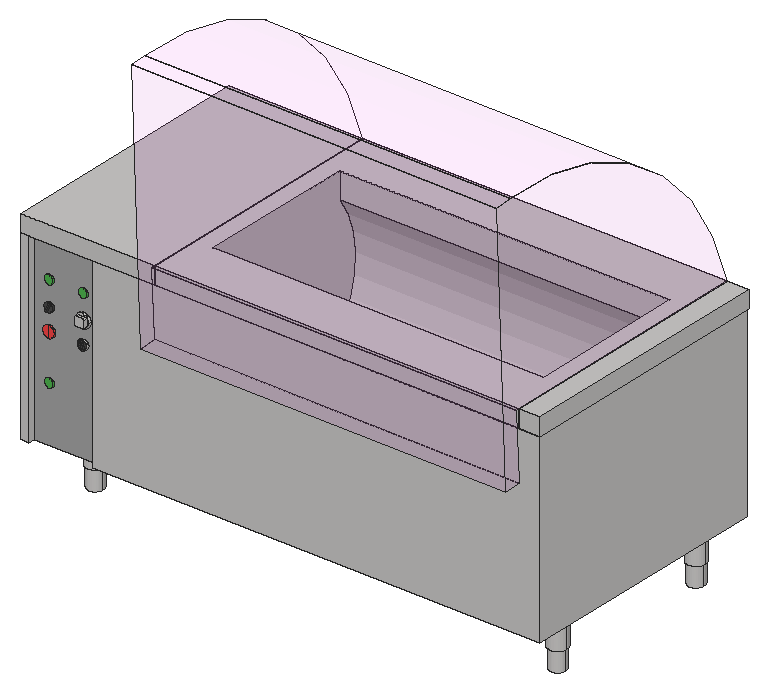
Revit family "QF_ELECTROLUXPROFESSIONAL_660037_LV501R", category Attrezzature speciali, Revit 2020
Family settings
  Quota connettore circolare = Usa diametro
  Tipo di parte = Normale
  Basato su piano di lavoro = No
  Sempre verticale = Sì
  Taglio con vuoti quando caricato = No
  Condiviso = No
  Punto di calcolo locali = No
Parameters (values of type "Standard")
  Weight = 242.00 kg
  Watts = 1600 W
  Volts = 400 V
  URL Manufacturer = "https://www.electroluxprofessional.com/"
  URL = "https://www.electroluxprofessional.com/"
  Steam Supply Size = 0 mm
  Steam Supply Minimum Pressure = 0.0 Pa
  Steam Supply Maximum Pressure = 0.0 Pa
  Steam Consumption per Hour = 0
  Show Clearance [instance] = yes
  Refrigeration Suction Line Size = 0 mm
  Refrigeration Liquid Line Size = 0 mm
  Refrigerant Compressor Remote = yes
  Prospetto di default = 0 mm
  Produttore = "Electrolux Professional"
  Phase = 3
  Modello = "LV501R"
  Length Actual = 1800 mm  # constant formula
  Item Number = "660037"
  Hot Water Size = 0 mm
  Height Actual = 850 mm  # constant formula
  HP = "2.1 HP"
  Gas Size = 0 mm
  Gas KW = 0
  Gas Input Pressure = 0 W
  Direct Waste Size = 50.8 mm
  Descrizione = "TILTING BASKET AUT.VEGET.WASHER-KG 14/70"
  Depth Actual = 1000 mm  # constant formula
  Cycle = 50 Hz
  Condensate Return Size = 0 mm
  Compressed Air Volume = 0.0 L/s
  Compressed Air Size = 0 mm
  Compressed Air Pressure = 0.0 Pa
  Cold Water Size = 25.4 mm
  Accessory = yes
Reference planes
  plane 1 "Center (Front/Back)": y = 0
  plane 2: z = 0
  plane 3 "Center (Left/Right)": x = 0
  plane 4: x = 0
  plane 5: z = 200
  plane 6: y = -450
  plane 7: z = 900
  plane 8 "RIGHT": x = 900
  plane 9 "LEFT": x = -900
  plane 10 "FRONT": y = -900
  plane 11: z = 1570
  plane 12: z = 670
  plane 13: y = -1000
  plane 14: x = -605
  plane 15: y = -138
  plane 16: through (-820, -660, 4198) normal (-0.7071, -0.7071, 0)
  plane 17: through (-820, -640, 4198) normal (0.7071, -0.7071, 0)
  plane 18: x = -605
  plane 19: y = -138
  plane 20: x = -434
Forms (mm)
  Extrusion 1, solid, material "QF_Finishes_Stainless Steel"
    sketch origin (0, 0, 0) x (1, 0, 0) y (0, 1, 0)
      loop
        line (-900, 0) -> (-900, -900) -> (-435.653, -900) -> (-435.653, 0) -> (-900, 0)
    from 840 to 900
  Extrusion 2, solid, material "QF_Finishes_Stainless Steel"
    sketch origin (400, 0, 0) x (1, 0, 0) y (0, 1, 0)
      loop
        line (-1300, -7.289) -> (-1300, -900) -> (-1270, -900) -> (-1270, -865) -> (-1050, -865) -> (-1050, -900) -> (500, -900) -> (500, -7.289) -> (-1300, -7.289)
    from 200 to 840
  Extrusion 3, void
    sketch origin (400, 0, 0) x (1, 0, 0) y (0, 1, 0)
      loop
        line (-835.653, -20) -> (-835.653, -885) -> (428.5, -885) -> (428.5, -20) -> (-835.653, -20)
    from 215.087 to 840
  Extrusion 4, solid, material "QF_Finishes_Stainless Steel"
    sketch origin (0, 0, 0) x (0, 1, 0) y (0, 0, 1)
      loop
        line (0, 900) -> (-900, 900) -> (-900, 840) -> (-730, 840)
        arc (-730, 840) -> (-450, 249.038) -> (-170, 840) r 361.814
        line (-170, 840) -> (0, 840) -> (0, 900)
    from -435.653 to 825
  Extrusion 5, void
    sketch origin (0, 0, 0) x (0, 1, 0) y (0, 0, 1)
      loop
        line (-176, 809.169) -> (-176, 922) -> (-724, 922) -> (-724, 809.169)
        arc (-724, 809.169) -> (-450, 265.684) -> (-176, 809.169) r 340.811
    from -374.256 to 770
  Extrusion 6, solid, material "QF_Finishes_Door Clearance", visible <- "Show Clearance"
    sketch origin (0, -100.892, 1606.048) x (0, -0.044534, 0.999008) y (0, -0.999008, -0.044534)
      loop
        line (0, 900) -> (-900, 900) -> (-900, 840) -> (-669.303, 840) -> (-709.841, -69.348)
        arc (-709.841, -69.348) -> (-190.07, 256.643) -> (0, 840) r 900
        line (0, 840) -> (0, 900)
    from -435.653 to 828.5
  Extrusion 7, solid, material "QF_Finishes_Gray"
    sketch origin (-148.75, 21.25, 0) x (1, 0, 0) y (0, 1, 0)
      loop
        line (-718.75, -888.75) -> (-718.75, -898.75) -> (-503.419, -898.75) -> (-503.419, -888.75) -> (-718.75, -888.75)
    from 200 to 840
  Extrusion 8, solid, material "QF_Finishes_Stainless Steel"
    sketch origin (-232.186, 2.692, 195) x (1, 0, 0) y (0, 1, 0)
      loop
        circle (-372.814, -140.692) r 8
    from 0 to 5
  Extrusion 9, solid, material "QF_Finishes_Stainless Steel"
    sketch origin (-447.596, -507.286, 198) x (1, 0, 0) y (0, 1, 0)
      loop
        line (-392.404, -132.714) -> (-392.404, -152.714) -> (-372.404, -152.714) -> (-372.404, -132.714) -> (-392.404, -132.714)
    from 0 to 2
  Extrusion 10, solid, material "QF_Finishes_Stainless Steel"
    sketch origin (1250, 0, 0) x (1, 0, 0) y (0, 1, 0)
      loop
        line (-425, 0) -> (-425, -900) -> (-350, -900) -> (-350, 0) -> (-425, 0)
    from 840 to 900
  Extrusion 11, solid, material "QF_Finishes_Stainless Steel"
    sketch origin (-232.186, 2.692, 195) x (1, 0, 0) y (0, 1, 0)
      loop
        circle (-372.814, -140.692) r 8
    from 0 to 5
  Extrusion 12, solid, material "QF_Finishes_Stainless Steel"
    sketch origin (-61.186, 32.711, 350.692) x (1, 0, 0) y (0, 0, 1)
      loop
        circle (-372.814, -140.692) r 8
    from 0 to 40
Cuts and joins
  Extrusion 3 cuts Extrusion 2
  Extrusion 5 cuts Extrusion 4
Dimensions and locks
  plane 7 to level = 900 mm
  plane 9 "LEFT" to plane 8 "RIGHT" = 1800 mm
  plane 1 "Center (Front/Back)" to plane 10 "FRONT" = 900 mm  (x2)
  plane 11 to level = 1570 mm
  plane 12 to level = 670 mm
  cut or joined group of Extrusion 2, Extrusion 3 to cut or joined group of Extrusion 2, Extrusion 3 = 1800 mm
  Extrusion 1 to level = 900 mm
  level to plane 5 = 200 mm
  plane 10 "FRONT" to plane 13 = 100 mm
  cut or joined group of Extrusion 2, Extrusion 3 to level = 200 mm
  nested 8 to plane 9 "LEFT" = 99.9 mm
  nested 10 to nested 8 = 1600.2 mm
  plane 8 "RIGHT" to nested 10 = 99.9 mm
  Extrusion 1 to cut or joined group of Extrusion 2, Extrusion 3 = 700 mm
  aligned and locked: level to plane 2
Nested families
  nested 1: "SPIA_GREEN - GRANDE" at (-816.25, -877.5, 715) x (-1, 0, 0) z (0, -1, 0), type "SPIA_GREEN - GRANDE"
  nested 2: "SPIA_GREEN - GRANDE" at (-698.75, -877.5, 715) x (-1, 0, 0) z (0, -1, 0), type "SPIA_GREEN - GRANDE"
  nested 3: "SPIA_GREEN - GRANDE" at (-816.25, -877.5, 395) x (-1, 0, 0) z (0, -1, 0), type "SPIA_GREEN - GRANDE"
  nested 4: "BOTTONE ROSSO LAVAVERDURE" at (-815.624, -877.5, 554.987) x (-1, 0, 0) z (0, -1, 0), type "BOTTONE ROSSO LAVAVERDURE"
  nested 5: "MANOPOLA NERA" at (-816.25, -877.5, 630) x (-0.8829, 0, 0.4695) z (0, -1, 0), type "MANOPOLA NERA"
  nested 6: "MANOPOLA NERA e ARGENTO" at (-699.256, -877.5, 554.259) x (-0.9455, 0, -0.3256) z (0, -1, 0), type "MANOPOLA NERA e ARGENTO"
  nested 7: "MANOPOLA ARGENTO" at (-699, -877.5, 630) x (-1, 0, 0) z (0, -1, 0), type "MANOPOLA ARGENTO"
  nested 8: "Piedino H200 - DISHWASHING" at (-800.1, -700, 0), type "Piedino H200 - DISHWASHING"
    with H 200 mm
  nested 9: "Piedino H200 - DISHWASHING" at (-800.1, -100, 0), type "Piedino H200 - DISHWASHING"
    with H 200 mm
  nested 10: "Piedino H200 - DISHWASHING" at (800.1, -700, 0) x (-1, 0, 0) z (0, 0, 1), type "Piedino H200 - DISHWASHING"
    with H 200 mm
  nested 11: "Piedino H200 - DISHWASHING" at (800.1, -100, 0) x (-1, 0, 0) z (0, 0, 1), type "Piedino H200 - DISHWASHING"
    with H 200 mm
Connectors
  piping at (-605, -138, 195), diameter 12.7
    settings: on Extrusion 8, index 22, connector inside diameter 609.6 mm, connector length 0 mm, flow factor 0, pipe flow 0.0 L/s, pressure drop 0.0 Pa, fitting loss kfactor 0, connector angle 0.00°, fixture units 0, engagement length 0 mm, angle of deflection 0.00°, flow configuration 0, flow direction 0, fitting loss method 0, system type 29, joint type 0, gender type 0, connector reference index -1, connector utility 0, adjustable connector no, is connector primary yes, connector description ""
  electrical at (-830, -650, 198)
    settings: on Extrusion 9, index 24, voltage 0 V, apparent load 0 VA, apparent load phase1 0 VA, apparent load phase2 0 VA, apparent load phase3 0 VA, power factor 1, load classification "Altro", number of poles 1, system type 30, power factor state 1, is connector primary yes, connector utility no, sub classification motor no, connector description "EI"
  piping at (-605, -138, 195), diameter 12.7
    settings: on Extrusion 11, index 26, connector inside diameter 609.6 mm, connector length 0 mm, flow factor 0, pipe flow 0.0 L/s, pressure drop 0.0 Pa, fitting loss kfactor 0, connector angle 0.00°, fixture units 0, engagement length 0 mm, angle of deflection 0.00°, flow configuration 0, flow direction 0, fitting loss method 0, system type 29, joint type 0, gender type 0, connector reference index -1, connector utility 0, adjustable connector no, is connector primary no, connector description "D"
  piping at (-434, 32.711, 210), diameter 12.7
    settings: on Extrusion 12, index 32, connector inside diameter 609.6 mm, connector length 0 mm, flow factor 0, pipe flow 0.0 L/s, pressure drop 0.0 Pa, fitting loss kfactor 0, connector angle 0.00°, fixture units 0, engagement length 0 mm, angle of deflection 0.00°, flow configuration 0, flow direction 0, fitting loss method 0, system type 29, joint type 0, gender type 0, connector reference index -1, connector utility 0, adjustable connector no, is connector primary no, connector description "CWI"
Definition of nested family "SPIA_GREEN - GRANDE"
  Parameters
    Default Elevation = 1219.2 mm
  Reference planes
    plane 1 "Centro (Fronte/Retro)": y = 0
    plane 2: z = 0
    plane 3 "Centro (Sinistra/Destra)": x = 0
  Forms (mm)
    Extrusion 1, solid
      sketch origin (0, 0, 0) x (1, 0, 0) y (0, 1, 0)
        loop
          line (-1219.2, 1219.2) -> (-1219.2, -1219.2) -> (1219.2, -1219.2) -> (1219.2, 1219.2) -> (-1219.2, 1219.2)
      from 0 to -304.8
    Extrusion 2, solid
      sketch origin (-367.513, 69.533, 3.175) x (-1, 0, 0) y (0, 1, 0)
        loop
          circle (-367.513, -69.533) r 15
      from 0 to 3.175
  Dimensions and locks
    aligned and locked: plane 2 to Extrusion 1
    aligned and locked: level to Extrusion 1
Definition of nested family "BOTTONE ROSSO LAVAVERDURE"
  Parameters (values of type "BOTTONE ROSSO LAVAVERDURE")
    Default Elevation = 1219.2 mm
  Reference planes
    plane 1 "Centro (Fronte/Retro)": y = 0
    plane 2: z = 0
    plane 3 "Centro (Sinistra/Destra)": x = 0
  Forms (mm)
    Extrusion 1, solid
      sketch origin (0, 0, 0) x (1, 0, 0) y (0, 1, 0)
        loop
          line (-1219.2, 1219.2) -> (-1219.2, -1219.2) -> (1219.2, -1219.2) -> (1219.2, 1219.2) -> (-1219.2, 1219.2)
      from 0 to -304.8
    Revolve 2, solid
      sketch origin (0, 0, 0) x (0, 1, 0) y (0, 0, 1)
        loop
          line (0, 5.035) -> (0, 0) -> (13.434, 0) -> (13.434, 2) -> (20, 2) -> (20, 5.035) -> (0, 5.035)
        axis (0, 0) -> (0, 5.035)
      angle from 0 to 360
  Dimensions and locks
    aligned and locked: plane 2 to Extrusion 1
    aligned and locked: level to Extrusion 1
Definition of nested family "MANOPOLA NERA"
  Parameters (values of type "MANOPOLA NERA")
    Default Elevation = 1219.2 mm
  Reference planes
    plane 1 "Centro (Fronte/Retro)": y = 0
    plane 2: z = 0
    plane 3 "Centro (Sinistra/Destra)": x = 0
  Forms (mm)
    Extrusion 1, solid
      sketch origin (0, 0, 0) x (1, 0, 0) y (0, 1, 0)
        loop
          line (-1219.2, 1219.2) -> (-1219.2, -1219.2) -> (1219.2, -1219.2) -> (1219.2, 1219.2) -> (-1219.2, 1219.2)
      from 0 to -304.8
    Extrusion 2, solid
      sketch origin (0, 0, 0) x (1, 0, 0) y (0, 1, 0)
        loop
          circle (0, 0) r 15
      from 0 to 5.035
    Extrusion 3, solid
      sketch origin (0, 0, 0) x (1, 0, 0) y (0, 1, 0)
        loop
          arc (-2.5, -14.79) -> (0, -15) -> (2.5, -14.79) r 15
          line (2.5, -14.79) -> (2.5, 14.79)
          arc (2.5, 14.79) -> (0, 15) -> (-2.5, 14.79) r 15
          line (-2.5, 14.79) -> (-2.5, -14.79)
      from 5.035 to 9.025
  Dimensions and locks
    aligned and locked: plane 2 to Extrusion 1
    aligned and locked: level to Extrusion 1
Definition of nested family "MANOPOLA NERA e ARGENTO"
  Parameters (values of type "MANOPOLA NERA e ARGENTO")
    Default Elevation = 1219.2 mm
  Reference planes
    plane 1 "Centro (Fronte/Retro)": y = 0
    plane 2: z = 0
    plane 3 "Centro (Sinistra/Destra)": x = 0
  Forms (mm)
    Extrusion 1, solid
      sketch origin (0, 0, 0) x (1, 0, 0) y (0, 1, 0)
        loop
          line (-1219.2, 1219.2) -> (-1219.2, -1219.2) -> (1219.2, -1219.2) -> (1219.2, 1219.2) -> (-1219.2, 1219.2)
      from 0 to -304.8
    Extrusion 2, solid
      sketch origin (0, 0, 0) x (1, 0, 0) y (0, 1, 0)
        loop
          circle (0, 0) r 15
      from 0 to 5.035
    Extrusion 3, solid
      sketch origin (0, 0, 0) x (1, 0, 0) y (0, 1, 0)
        loop
          arc (-2.5, -14.79) -> (0, -15) -> (2.5, -14.79) r 15
          line (2.5, -14.79) -> (2.5, 14.79)
          arc (2.5, 14.79) -> (0, 15) -> (-2.5, 14.79) r 15
          line (-2.5, 14.79) -> (-2.5, -14.79)
      from 5.035 to 9.025
    Extrusion 4, solid
      sketch origin (0, 0, 0) x (1, 0, 0) y (0, 1, 0)
        loop
          circle (0, 0) r 17
        loop
          circle (0, 0) r 15.5
      from 0 to 5.035
  Dimensions and locks
    aligned and locked: plane 2 to Extrusion 1
    aligned and locked: level to Extrusion 1
Definition of nested family "MANOPOLA ARGENTO"
  Parameters (values of type "MANOPOLA ARGENTO")
    Default Elevation = 1219.2 mm
  Reference planes
    plane 1 "Centro (Fronte/Retro)": y = 0
    plane 2: z = 0
    plane 3 "Centro (Sinistra/Destra)": x = 0
  Forms (mm)
    Extrusion 1, solid
      sketch origin (0, 0, 0) x (1, 0, 0) y (0, 1, 0)
        loop
          line (-1219.2, 1219.2) -> (-1219.2, -1219.2) -> (1219.2, -1219.2) -> (1219.2, 1219.2) -> (-1219.2, 1219.2)
      from 0 to -304.8
    SweptBlend 2, solid
      path origin (0, 0, 0) x (0, 1, 0) y (0, 0, 1)
        loop
          line (0, 0) -> (0, 6.013)
      profile origin (0, 0, 0) x (0, -1, 0) y (1, 0, 0)
        loop
          circle (0, 0) r 25
      end profile origin (0, 0, 6.013) x (0, -1, 0) y (1, 0, 0)
        loop
          circle (0, 0) r 23
    Extrusion 3, solid
      sketch origin (0, 0, 0) x (1, 0, 0) y (0, 1, 0)
        loop
          line (-13.08, 15.833) -> (-15.833, 13.08) -> (-15.833, -12.341) -> (-12.341, -15.833) -> (12.341, -15.833) -> (15.833, -12.341) -> (15.833, 12.341) -> (12.341, 15.833) -> (-13.08, 15.833)
      from 6.013 to 18
  Dimensions and locks
    aligned and locked: plane 2 to Extrusion 1
    aligned and locked: level to Extrusion 1
Definition of nested family "Piedino H200 - DISHWASHING"
  Parameters (values of type "Piedino H200 - DISHWASHING")
    Default Elevation = 0 mm
    H [instance] = 200 mm
  Reference planes
    plane 1 "Centro (Fronte/Retro)": y = 0
    plane 2: z = 0
    plane 3 "Centro (Sinistra/Destra)": x = 0
    plane 4: z = 70.047
  Forms (mm)
    Revolve 1, solid
      sketch origin (55, 0, 0) x (-1, 0, 0) y (0, 0, -1)
        loop
          line (55, 0) -> (27.6, 0) -> (27.6, -70.047) -> (22.6, -70.047) -> (22.6, -200) -> (55, -200) -> (55, 0)
        axis (55, 0) -> (55, -200)
      angle from 0 to 360
  Dimensions and locks
    "H": Revolve 1 to plane 2
    aligned and locked: level to plane 2
  Automatic sketch dimensions
    Revolve 1 sketch curve to plane 4 = 0 mm
    Revolve 1 sketch curve to level = 0 mm
    Revolve 1 sketch curve to plane 3 "Centro (Sinistra/Destra)" = 0 mm  (x2)
    plane 3 "Centro (Sinistra/Destra)" to Revolve 1 sketch curve = 27.4 mm
    Revolve 1 sketch curve to Revolve 1 sketch curve = 5 mm
    Revolve 1 sketch curve to plane 4 = 129.953 mm
    Revolve 1 sketch curve to Revolve 1 sketch curve = 0 mm
    Revolve 1 sketch curve to Revolve 1 sketch curve = 20 mm
